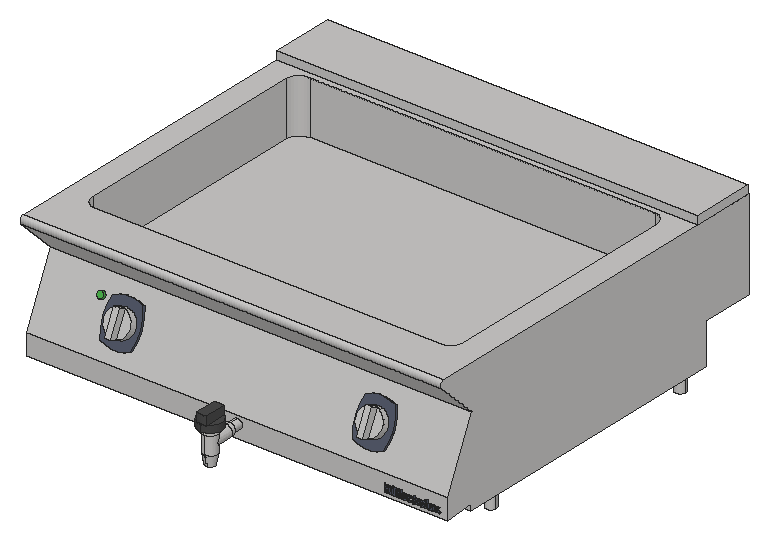
Revit family "QF_ELECTROLUXPROFESSIONAL_371097_E7BMEHB000", category Specialty Equipment, Revit 2018
Family settings
  Round Connector Dimension = Use Diameter
  Part Type = Normal
  Work Plane-Based = No
  Always vertical = Yes
  Cut with Voids When Loaded = No
  Shared = No
  Room Calculation Point = No
Parameters
  Width = 800.1 mm  # constant formula
  Weight in Pounds = 60  # constant formula
  Watts = 3000 VA  # 3000 W
  Volts = 400 V  # constant formula
  URL Cutsheet = "www.electrolux.com/foodservice"
  URL = "www.electrolux.com/foodservice"
  Type Mark [instance] = ""
  Status [instance] = ""
  Specification by User [instance] = ""
  Specification by Manufacturer = ""
  Show Logo [instance] = yes
  Show Clearance [instance] = yes
  Serial Number = ""
  Seismic Rating = ""
  SMACNA No = ""
  Revision Code [instance] = ""
  Plumbing Remarks = ""
  Plumbing Connection Type = ""
  Phase = 3  # constant formula
  Omniclass Number and Title = ""
  Number of Poles [instance] = 1
  NAFEM Spec ID Number = ""
  Model = "371097"
  Min Ckt Ampacity = 0 A
  Max Overcurrent Protection = 0 A
  Masterspec = ""
  Manufacturer = "ELECTROLUX"
  Item Number [instance] = ""
  Installed By [instance] = ""
  Indirect Waste Size = 50 mm  # 1.9685"
  Indirect Waste Flow [instance] = 0 GPM
  Indirect Waste Connection Type = ""
  Indirect Waste Connection Height [instance] = 0 mm
  Identify Quantity as Lot [instance] = yes
  Height = 288.925 mm  # constant formula
  HP = "4 HP"
  Furnished By [instance] = ""
  Foodservice Equipment Identifier [instance] = yes
  FL Amps = if(Phase = 3, Watts / (Volts * 1.73), Watts / Volts)  # 4.33526 A
  Electrical Remarks [instance] = "400 V/3N ph/50/60 Hz"  # constant formula
  Electric Connection Type [instance] = ""
  Elec Conn RI Height [instance] = 0 mm
  Elec Conn Connection Height [instance] = 0 mm
  Direct Waste Size = 1/2"
  Description = "700XP Full Module Electric Bain Marie Top - 400V"
  Depth = 730.25 mm  # constant formula
  Cycle [instance] = if([60 Hertz Option], 60 Hz, 50 Hz)  # 60 Hz
  Conn Plug = ""
  Conn Conduit = yes
  CSI MasterFormat = ""
  CSI Master Format = ""
  Base Height [instance] = 23.813 mm  # constant formula
  Apparent Power = if(Phase = 3, Volts * FL Amps * 1.73, Volts * FL Amps)  # 3000 VA
  60 Hertz Option [instance] = not([50 Hertz Option])  # yes
  50 Hertz Option [instance] = no
Reference planes
  plane 1 "BACK": y = 0
  plane 2: z = 0
  plane 3 "LEFT": x = 0
  plane 4 "RIGHT": x = 800.1
  plane 5 "FRONT": y = -730.25
  plane 6 "TOP": z = 288.925
  plane 7 "Center Y": x = 400.05
  plane 8 "Center X": y = -365.125
  plane 9 "BASE": z = 23.813
  plane 10 "TOP A": z = 274.638
  plane 11: y = -597.884
  plane 12: y = -147.637
Forms (mm)
  Extrusion 1, solid, material "QF_Finishes_Stainless Steel"
    sketch origin (0, 0, 0) x (0, 1, 0) y (0, 0, 1)
      loop
        line (0, 274.638) -> (-723.029, 274.638)
        arc (-723.029, 274.638) -> (-729.756, 270.143) -> (-728.178, 262.208) r 7.281
        line (-728.178, 262.208) -> (-657.416, 191.447) -> (-713.772, 69.003) -> (-713.772, 30.903) -> (-660.4, 36.513) -> (-660.4, 23.812) -> (-101.6, 23.812) -> (-101.6, 101.6) -> (0, 101.6) -> (0, 274.638)
    from 0 to 800.1
  Extrusion 2, solid, material "QF_Finishes_Stainless Steel"
    sketch origin (0, 0, 274.638) x (-1, 0, 0) y (0, -1, 0)
      loop
        line (0, 0) -> (0, 120.65) -> (-800.1, 120.65) -> (-800.1, 0) -> (0, 0)
    from 0 to 14.287
  Extrusion 3, void
    sketch origin (0, 0, 274.638) x (-1, 0, 0) y (0, -1, 0)
      loop
        arc (-72.425, 132.504) -> (-54.464, 139.943) -> (-47.025, 157.904) r 25.4
        line (-47.025, 157.904) -> (-47.025, 617.104)
        arc (-47.025, 617.104) -> (-54.464, 635.064) -> (-72.425, 642.504) r 25.4
        line (-72.425, 642.504) -> (-727.675, 642.504)
        arc (-727.675, 642.504) -> (-745.636, 635.064) -> (-753.075, 617.104) r 25.4
        line (-753.075, 617.104) -> (-753.075, 157.904)
        arc (-753.075, 157.904) -> (-745.636, 139.943) -> (-727.675, 132.504) r 25.4
        line (-727.675, 132.504) -> (-72.425, 132.504)
    from 0 to -101.6
  Extrusion 4, solid, material "QF_Finishes_Stainless Steel"
    sketch origin (0, 0, 0) x (1, 0, 0) y (0, 1, 0)
      loop
        circle (11.112, -147.638) r 9.525
      loop
        circle (11.112, -597.884) r 9.525
      loop
        circle (788.987, -147.638) r 9.525
      loop
        circle (788.987, -597.884) r 9.525
    from 0 to 23.813
  Extrusion 5, solid, material "QF_Finishes_Green"
    sketch origin (-380.91, -713.772, 69.003) x (0, 0.418102, 0.9084) y (-1, 0, 0)
      loop
        circle (95.112, -490.898) r 6.35
    from 0 to 3.175
  Revolve 6, solid, material "QF_Finishes_Stainless Steel"
    sketch origin (400.05, -15.821, 0) x (0, 1, 0) y (0, 0, 1)
      loop
        line (-763.176, 15.689) -> (-754.167, 15.689) -> (-750.551, 36.201) -> (-750.551, 72.541) -> (-747.273, 72.541) -> (-747.273, 80.421) -> (-740.923, 80.421) -> (-740.923, 93.121) -> (-763.176, 93.121) -> (-763.176, 15.689)
      axis (-763.176, 15.689) -> (-763.176, 93.121)
    angle from 0 to 360
  Revolve 7, solid, material "QF_Finishes_Stainless Steel"
    sketch origin (400.05, 0, 0) x (0, 1, 0) y (0, 0, 1)
      loop
        line (-713.772, 55.563) -> (-782.002, 55.563) -> (-782.002, 43.259) -> (-742.607, 43.259) -> (-742.607, 44.961) -> (-733.614, 44.961) -> (-733.614, 47.008) -> (-713.772, 47.008) -> (-713.772, 55.563)
      axis (-782.002, 55.563) -> (-713.772, 55.563)
    angle from 0 to 360
  Extrusion 8, solid, material "QF_Finishes_Black"
    sketch origin (400.05, -778.997, 93.121) x (0, 1, 0) y (-1, 0, 0)
      loop
        line (20.063, 9.626) -> (-20.063, 9.626)
        arc (-20.063, 9.626) -> (-22.253, 0) -> (-20.063, -9.626) r 22.253
        line (-20.063, -9.626) -> (20.063, -9.626)
        arc (20.063, -9.626) -> (22.253, 0) -> (20.063, 9.626) r 22.253
    from 0 to 16.412
  Extrusion 9, solid, material "QF_Finishes_Stainless Steel"
    sketch origin (0, -101.6, 101.6) x (0, 0, -1) y (-1, 0, 0)
      loop
        circle (43.882, -62.029) r 12.7
    from 0 to 12.7
  Extrusion 10, solid, material "QF_Finishes_Clearance", visible <- "Show Clearance", detail levels coarse
    sketch origin (0, 0, 0) x (1, 0, 0) y (0, 1, 0)
      loop
        line (0, -730.25) -> (0, 0) -> (800.1, 0) -> (800.1, -730.25) -> (950.119, -730.25) -> (950.119, 150.019) -> (-150.019, 150.019) -> (-150.019, -730.25) -> (0, -730.25)
    from 0 to 288.925
  Extrusion 11, solid, material "QF_Finishes_Navy Blue"
    sketch origin (-379.27, -713.772, 69.003) x (0, 0.418102, 0.9084) y (-1, 0, 0)
      loop
        arc (102.623, -510.47) -> (67.041, -502.846) -> (31.333, -509.853) r 90.5
        arc (31.333, -509.853) -> (24.507, -539.04) -> (31.333, -568.228) r 65.817
        arc (31.333, -568.228) -> (67.04, -575.188) -> (102.623, -567.615) r 91.066
        arc (102.623, -567.615) -> (109.179, -539.043) -> (102.623, -510.47) r 65.546
    from 0 to 3.175
  Extrusion 12, solid, material "QF_Finishes_Stainless Steel"
    sketch origin (-0.52, -717.485, 68.529) x (0, 0.418102, 0.9084) y (-1, 0, 0)
      loop
        circle (68.826, -160.963) r 25.4
    from 0 to 12.7
  Extrusion 13, solid, material "QF_Finishes_Stainless Steel"
    sketch origin (-0.52, -729.022, 73.839) x (0, 0.418102, 0.9084) y (-1, 0, 0)
      loop
        arc (93.558, -166.749) -> (94.226, -160.963) -> (93.558, -155.177) r 25.4
        line (93.558, -155.177) -> (44.094, -155.177)
        arc (44.094, -155.177) -> (43.426, -160.963) -> (44.094, -166.749) r 25.4
        line (44.094, -166.749) -> (93.558, -166.749)
    from 0 to 12.7
  Extrusion 14, solid, material "QF_Finishes_Navy Blue", visible <- "Show Logo"
    sketch origin (392.5, -713.772, 30.903) x (0, 0, 1) y (-1, 0, 0)
      loop
        line (20.674, -296.698) -> (8.307, -296.698)
        arc (8.307, -296.698) -> (14.491, -301.27) -> (20.674, -296.698) r 6.467
      loop
        arc (20.674, -296.069) -> (19.505, -290.926) -> (14.849, -288.448) r 6.338
        line (14.849, -288.448) -> (14.849, -290.494)
        arc (14.849, -290.494) -> (16.333, -294.149) -> (19.778, -296.069) r 5.941
        line (19.778, -296.069) -> (20.674, -296.069)
      loop
        arc (9.203, -296.069) -> (12.648, -294.149) -> (14.132, -290.494) r 5.941
        line (14.132, -290.494) -> (14.132, -288.448)
        arc (14.132, -288.448) -> (9.438, -290.922) -> (8.148, -296.069) r 6.504
        line (8.148, -296.069) -> (9.203, -296.069)
      loop
        line (21.349, -287.979) -> (7.604, -287.979) -> (7.604, -301.742) -> (21.349, -301.742) -> (21.349, -287.979)
      loop
        arc (21.432, -304.71) -> (21.085, -304.352) -> (20.718, -304.69) r 0.358
        arc (20.718, -304.69) -> (20.404, -305.44) -> (19.687, -305.825) r 1.216
        line (19.687, -305.825) -> (9.274, -305.825)
        arc (9.274, -305.825) -> (8.614, -305.548) -> (8.218, -304.951) r 1.238
        arc (8.218, -304.951) -> (7.823, -304.7) -> (7.518, -305.054) r 0.358
        line (7.518, -305.054) -> (7.518, -314.933) -> (10.269, -314.933) -> (10.269, -314.036)
        arc (10.269, -314.036) -> (9.36, -313.456) -> (8.904, -312.479) r 1.928
        line (8.904, -312.479) -> (8.904, -309.98)
        arc (8.904, -309.98) -> (9.18, -309.251) -> (9.868, -308.887) r 1.101
        line (9.868, -308.887) -> (13.955, -308.887) -> (13.955, -312.561)
        arc (13.955, -312.561) -> (13.602, -313.058) -> (13.037, -313.286) r 1.083
        arc (13.037, -313.286) -> (12.773, -313.591) -> (13.065, -313.869) r 0.292
        line (13.065, -313.869) -> (16.028, -313.869)
        arc (16.028, -313.869) -> (16.33, -313.596) -> (16.092, -313.266) r 0.305
        arc (16.092, -313.266) -> (15.601, -313.018) -> (15.296, -312.561) r 1.083
        line (15.296, -312.561) -> (15.296, -308.887) -> (19.973, -308.887) -> (19.973, -312.635)
        arc (19.973, -312.635) -> (19.759, -313.39) -> (19.153, -313.888) r 1.314
        arc (19.153, -313.888) -> (18.934, -314.292) -> (19.288, -314.585) r 0.361
        line (19.288, -314.585) -> (21.432, -314.585) -> (21.432, -304.71)
      loop
        arc (20.715, -315.365) -> (20.335, -316.284) -> (19.416, -316.664) r 1.299
        line (19.416, -316.664) -> (9.837, -316.664)
        arc (9.837, -316.664) -> (8.999, -316.286) -> (8.728, -315.408) r 1.118
        line (8.728, -315.408) -> (7.518, -315.408) -> (7.518, -320.758) -> (8.706, -320.758)
        arc (8.706, -320.758) -> (8.978, -319.841) -> (9.848, -319.445) r 1.153
        line (9.848, -319.445) -> (21.92, -319.445) -> (20.715, -315.365)
      loop
        line (12.483, -323.394) -> (12.483, -329.842) -> (13.282, -329.842)
        arc (13.282, -329.842) -> (15.862, -328.857) -> (17.131, -326.404) r 3.874
        line (17.131, -326.404) -> (17.131, -324.643)
        arc (17.131, -324.643) -> (15.944, -321.778) -> (13.08, -320.592) r 4.051
        line (13.08, -320.592) -> (11.072, -320.592)
        arc (11.072, -320.592) -> (8.253, -322.077) -> (7.202, -325.084) r 4.352
        arc (7.202, -325.084) -> (7.566, -327.547) -> (8.943, -329.621) r 5.713
        line (8.943, -329.621) -> (9.892, -329.621)
        arc (9.892, -329.621) -> (9.16, -328.052) -> (8.943, -326.334) r 5.579
        arc (8.943, -326.334) -> (9.737, -324.371) -> (11.616, -323.394) r 3.057
        line (11.616, -323.394) -> (12.483, -323.394)
      loop
        line (13.742, -323.394) -> (13.742, -326.977)
        arc (13.742, -326.977) -> (15.199, -327.024) -> (16.082, -325.864) r 1.59
        line (16.082, -325.864) -> (16.082, -325.034)
        arc (16.082, -325.034) -> (15.217, -323.779) -> (13.742, -323.394) r 2.184
      loop
        arc (16.533, -339.259) -> (17.022, -337.585) -> (17.179, -335.848) r 9.023
        line (17.179, -335.848) -> (17.179, -334.486)
        arc (17.179, -334.486) -> (16.02, -331.686) -> (13.22, -330.527) r 3.959
        line (13.22, -330.527) -> (10.62, -330.527)
        arc (10.62, -330.527) -> (8.338, -331.819) -> (7.221, -334.192) r 4.331
        line (7.221, -334.192) -> (7.221, -336.327)
        arc (7.221, -336.327) -> (7.729, -337.877) -> (8.651, -339.223) r 5.772
        arc (8.651, -339.223) -> (9.412, -339.274) -> (9.499, -338.515) r 0.553
        arc (9.499, -338.515) -> (9.111, -337.781) -> (8.977, -336.962) r 2.573
        line (8.977, -336.962) -> (8.977, -335.447)
        arc (8.977, -335.447) -> (9.983, -333.806) -> (11.798, -333.163) r 2.884
        line (11.798, -333.163) -> (13.077, -333.163)
        arc (13.077, -333.163) -> (14.898, -333.723) -> (15.824, -335.388) r 2.554
        line (15.824, -335.388) -> (15.824, -336.441)
        arc (15.824, -336.441) -> (15.493, -337.369) -> (14.836, -338.104) r 2.564
        arc (14.836, -338.104) -> (14.614, -338.821) -> (15.223, -339.259) r 0.643
        line (15.223, -339.259) -> (16.533, -339.259)
      loop
        line (15.515, -339.53) -> (15.515, -341.031) -> (9.467, -341.031)
        arc (9.467, -341.031) -> (7.879, -341.688) -> (7.221, -343.276) r 2.246
        line (7.221, -343.276) -> (7.221, -344.86)
        arc (7.221, -344.86) -> (7.535, -345.725) -> (8.035, -346.496) r 4.06
        arc (8.035, -346.496) -> (8.768, -346.629) -> (9.019, -345.928) r 0.576
        arc (9.019, -345.928) -> (8.913, -345.403) -> (8.977, -344.87) r 1.69
        arc (8.977, -344.87) -> (9.519, -344.082) -> (10.425, -343.779) r 1.506
        line (10.425, -343.779) -> (15.563, -343.779) -> (15.563, -346.176) -> (16.119, -346.733) -> (16.941, -346.733) -> (16.941, -343.873) -> (20.172, -343.873) -> (15.515, -339.53)
      loop
        line (7.438, -347.63) -> (7.438, -353.017) -> (8.548, -353.017)
        arc (8.548, -353.017) -> (8.942, -352.066) -> (9.893, -351.672) r 1.345
        line (9.893, -351.672) -> (13.509, -351.672)
        arc (13.509, -351.672) -> (14.274, -352.264) -> (14.564, -353.186) r 1.615
        line (14.564, -353.186) -> (14.564, -354.742) -> (17.119, -355.427) -> (17.119, -354.044) -> (15.177, -351.485) -> (17.057, -351.485) -> (16.773, -348.779)
        arc (16.773, -348.779) -> (16.333, -348.249) -> (15.674, -348.45) r 0.621
        arc (15.674, -348.45) -> (15.274, -348.792) -> (14.78, -348.975) r 1.501
        line (14.78, -348.975) -> (9.893, -348.975)
        arc (9.893, -348.975) -> (8.942, -348.581) -> (8.548, -347.63) r 1.345
        line (8.548, -347.63) -> (7.438, -347.63)
      loop
        line (13.54, -354.964) -> (10.848, -354.964)
        arc (10.848, -354.964) -> (8.403, -356.272) -> (7.269, -358.803) r 4.288
        arc (7.269, -358.803) -> (7.205, -360.183) -> (7.269, -361.563) r 15.022
        arc (7.269, -361.563) -> (8.403, -364.094) -> (10.848, -365.401) r 4.288
        line (10.848, -365.401) -> (13.54, -365.401)
        arc (13.54, -365.401) -> (15.986, -364.094) -> (17.119, -361.563) r 4.288
        arc (17.119, -361.563) -> (17.183, -360.183) -> (17.119, -358.803) r 15.022
        arc (17.119, -358.803) -> (15.986, -356.272) -> (13.54, -354.964) r 4.288
      loop
        line (13.745, -358.078) -> (10.643, -358.078)
        arc (10.643, -358.078) -> (8.486, -360.235) -> (10.643, -362.392) r 2.157
        line (10.643, -362.392) -> (13.745, -362.392)
        arc (13.745, -362.392) -> (15.902, -360.235) -> (13.745, -358.078) r 2.157
      loop
        arc (20.726, -365.26) -> (20.355, -366.154) -> (19.461, -366.524) r 1.264
        line (19.461, -366.524) -> (9.597, -366.524)
        arc (9.597, -366.524) -> (8.727, -366.127) -> (8.455, -365.211) r 1.153
        line (8.455, -365.211) -> (7.518, -365.211) -> (7.518, -370.319) -> (8.446, -370.319)
        arc (8.446, -370.319) -> (8.805, -369.547) -> (9.597, -369.232) r 1.153
        line (9.597, -369.232) -> (21.92, -369.232) -> (20.726, -365.26)
      loop
        arc (15.846, -369.857) -> (15.647, -370.921) -> (14.678, -371.403) r 1.215
        line (14.678, -371.403) -> (9.658, -371.403)
        arc (9.658, -371.403) -> (8.043, -372.051) -> (7.322, -373.634) r 2.338
        line (7.322, -373.634) -> (7.322, -375.148)
        arc (7.322, -375.148) -> (7.497, -376.152) -> (7.999, -377.038) r 2.979
        line (7.999, -377.038) -> (7.518, -378.835) -> (7.518, -380.524) -> (16.943, -380.524) -> (16.649, -376.32) -> (15.863, -376.32)
        arc (15.863, -376.32) -> (15.507, -377.156) -> (14.755, -377.665) r 1.605
        line (14.755, -377.665) -> (9.652, -377.665)
        arc (9.652, -377.665) -> (9.232, -376.728) -> (9.159, -375.704) r 2.94
        arc (9.159, -375.704) -> (9.72, -374.603) -> (10.873, -374.16) r 1.724
        line (10.873, -374.16) -> (17.07, -374.16) -> (15.846, -369.857)
      loop
        line (16.874, -381.377) -> (15.202, -383.423) -> (12.028, -385.729) -> (8.572, -382.617)
        arc (8.572, -382.617) -> (8.335, -382.223) -> (8.357, -381.764) r 0.789
        line (8.357, -381.764) -> (7.518, -381.764) -> (7.518, -385.309) -> (8.344, -385.309)
        arc (8.344, -385.309) -> (8.686, -384.947) -> (9.176, -385.039) r 0.52
        line (9.176, -385.039) -> (10.976, -386.51) -> (8.858, -387.886)
        arc (8.858, -387.886) -> (8.457, -387.576) -> (8.37, -387.076) r 0.7
        line (8.37, -387.076) -> (7.518, -387.076) -> (7.518, -393.003) -> (8.405, -393.003)
        arc (8.405, -393.003) -> (8.472, -392.344) -> (8.866, -391.813) r 1.247
        line (8.866, -391.813) -> (13.066, -388.532) -> (15.513, -390.585) -> (16.874, -392.327) -> (16.874, -388.604) -> (15.389, -389.026) -> (13.868, -387.749) -> (15.568, -386.559) -> (16.874, -387.336) -> (16.874, -381.377)
    from 0 to 1.644
  Extrusion 15, solid, material "QF_Finishes_Navy Blue"
    sketch origin (1179.37, -713.772, 69.003) x (0, 0.418102, 0.9084) y (-1, 0, 0)
      loop
        arc (102.623, 510.47) -> (109.179, 539.043) -> (102.623, 567.615) r 65.546
        arc (102.623, 567.615) -> (67.04, 575.188) -> (31.333, 568.228) r 91.066
        arc (31.333, 568.228) -> (24.507, 539.04) -> (31.333, 509.853) r 65.817
        arc (31.333, 509.853) -> (67.041, 502.846) -> (102.623, 510.47) r 90.5
    from 0 to 3.175
  Extrusion 16, solid, material "QF_Finishes_Stainless Steel"
    sketch origin (1558.12, -717.485, 68.529) x (0, 0.418102, 0.9084) y (-1, 0, 0)
      loop
        circle (68.826, 918.463) r 25.4
    from 0 to 12.7
  Extrusion 17, solid, material "QF_Finishes_Stainless Steel"
    sketch origin (1558.12, -729.022, 73.839) x (0, 0.418102, 0.9084) y (-1, 0, 0)
      loop
        line (93.558, 924.249) -> (44.094, 924.249)
        arc (44.094, 924.249) -> (43.426, 918.463) -> (44.094, 912.677) r 25.4
        line (44.094, 912.677) -> (93.558, 912.677)
        arc (93.558, 912.677) -> (94.226, 918.463) -> (93.558, 924.249) r 25.4
    from 0 to 12.7
Cuts and joins
  Extrusion 3 cuts Extrusion 1
Lines and regions (mm)
  symbolic lines, style "QF-Clearances", visible <- "Show Clearance", detail levels coarse
    curve 1: line (-150.019, 150.019, 274.638) -> (-150.019, -730.25, 274.638)
    curve 2: line (950.119, 150.019, 274.638) -> (-150.019, 150.019, 274.638)
    curve 3: line (950.119, -730.25, 274.638) -> (950.119, 150.019, 274.638)
  symbolic lines
    curve 4: line (0, 0, 274.638) -> (800.1, 0, 274.638)
    curve 5: line (0, -730.25, 274.638) -> (0, 0, 274.638)
    curve 6: line (800.1, 0, 274.638) -> (800.1, -730.25, 274.638)
    curve 7: line (47.025, -157.904, 274.638) -> (47.025, -617.104, 274.638)
    curve 8: arc (47.025, -617.104, 274.638) -> (54.464, -635.064, 274.638) -> (72.425, -642.504, 274.638) r 25.4
    curve 9: line (72.425, -642.504, 274.638) -> (727.675, -642.504, 274.638)
    curve 10: arc (727.675, -642.504, 274.638) -> (745.636, -635.064, 274.638) -> (753.075, -617.104, 274.638) r 25.4
    curve 11: line (753.075, -617.104, 274.638) -> (753.075, -157.904, 274.638)
    curve 12: line (727.675, -132.504, 274.638) -> (72.425, -132.504, 274.638)
    curve 13: line (0, -120.65, 274.638) -> (800.1, -120.65, 274.638)
    curve 14: line (0, -69.85, 274.638) -> (0, -120.65, 274.638)
    curve 15: circle (400.05, -778.997, 274.638) r 22.253 normal (0, 0, 1)
    curve 16: line (800.1, -730.25, 274.638) -> (0, -730.25, 274.638)
    curve 17: line (409.676, -799.06, 274.638) -> (409.676, -758.934, 274.638)
    curve 18: line (390.424, -799.06, 274.638) -> (390.424, -758.934, 274.638)
    curve 19: arc (72.425, -132.504, 274.638) -> (54.464, -139.943, 274.638) -> (47.025, -157.904, 274.638) r 25.4
    curve 20: arc (727.675, -132.504, 274.638) -> (745.636, -139.943, 274.638) -> (753.075, -157.904, 274.638) r 25.4
    curve 21: line (389.379, -759.47, 274.638) -> (389.379, -730.25, 274.638)
    curve 22: line (410.721, -759.47, 274.638) -> (410.721, -730.25, 274.638)
Dimensions and locks
  equal spacing: plane 3 "LEFT", plane 7 "Center Y", plane 4 "RIGHT"
  "Width": plane 3 "LEFT" to plane 4 "RIGHT"
  equal spacing: plane 5 "FRONT", plane 8 "Center X", plane 1 "BACK"
  "Depth": plane 5 "FRONT" to plane 1 "BACK"
  "Height": plane 6 "TOP" to level
  plane 1 "BACK" to plane 5 "FRONT" = 730.25 mm
  "Base Height": plane 9 "BASE" to level
  locked: plane 10 "TOP A" to plane 9 "BASE" at 250.825
  aligned and locked: level to plane 2
  aligned and locked: plane 4 "RIGHT" to Extrusion 1
  aligned and locked: plane 6 "TOP" to Extrusion 2
  aligned and locked: Extrusion 4 to plane 9 "BASE"
  aligned and locked: plane 6 "TOP" to Extrusion 10
  aligned and locked: plane 4 "RIGHT" to Extrusion 2
Automatic sketch dimensions
  Extrusion 1 sketch curve to plane 10 "TOP A" = 0 mm
  Extrusion 1 sketch curve to plane 9 "BASE" = 0 mm
  Extrusion 1 sketch curve to plane 1 "BACK" = 0 mm
  Extrusion 1 sketch curve to plane 12 = 46.038 mm
  plane 11 to Extrusion 1 sketch curve = 59.531 mm
  plane 9 "BASE" to Extrusion 1 sketch curve = 12.7 mm
  plane 11 to Extrusion 1 sketch curve = 62.516 mm
  Extrusion 1 sketch curve to plane 5 "FRONT" = 16.478 mm
  Extrusion 1 sketch curve to plane 5 "FRONT" = 7.221 mm
  Extrusion 1 sketch curve to plane 5 "FRONT" = 2.072 mm
  plane 9 "BASE" to Extrusion 1 sketch curve = 7.09 mm
  Extrusion 1 sketch curve to Extrusion 1 sketch curve = 38.1 mm
  plane 9 "BASE" to Extrusion 1 sketch curve = 77.788 mm
  Extrusion 1 sketch curve to plane 10 "TOP A" = 83.191 mm
  Extrusion 1 sketch curve to plane 10 "TOP A" = 12.429 mm
  plane 1 "BACK" to Extrusion 2 sketch curve = 0 mm
  Extrusion 2 sketch curve to plane 4 "RIGHT" = 0 mm
  Extrusion 2 sketch curve to plane 3 "LEFT" = 0 mm
  Extrusion 2 sketch curve to plane 12 = 26.988 mm
  Extrusion 3 sketch curve to plane 4 "RIGHT" = 47.025 mm
  Extrusion 3 sketch curve to Extrusion 3 sketch curve = 25.4 mm  (x3)
  Extrusion 3 sketch curve to plane 12 = 15.134 mm
  plane 12 to Extrusion 3 sketch curve = 10.266 mm
  plane 3 "LEFT" to Extrusion 3 sketch curve = 72.425 mm
  plane 11 to Extrusion 3 sketch curve = 19.219 mm
  plane 11 to Extrusion 4 sketch curve = 0 mm  (x2)
  plane 12 to Extrusion 4 sketch curve = 0 mm  (x2)
  plane 3 "LEFT" to Extrusion 4 sketch curve = 11.112 mm  (x2)
  Extrusion 4 sketch curve to plane 4 "RIGHT" = 11.113 mm  (x2)
  Extrusion 1 to Extrusion 5 sketch curve = 39.678 mm
  Extrusion 1 to Extrusion 5 sketch curve = 109.988 mm
  Revolve 6 sketch curve to plane 9 "BASE" = 8.123 mm
  plane 5 "FRONT" to Revolve 6 sketch curve = 48.747 mm
  Revolve 6 sketch curve to Revolve 6 sketch curve = 0 mm
  Revolve 6 sketch curve to Revolve 6 sketch curve = 9.009 mm
  plane 9 "BASE" to Revolve 6 sketch curve = 12.388 mm
  Revolve 6 sketch curve to Revolve 6 sketch curve = 3.617 mm
  Revolve 6 sketch curve to Revolve 6 sketch curve = 3.277 mm
  Revolve 6 sketch curve to Revolve 6 sketch curve = 6.35 mm
  Revolve 6 sketch curve to Revolve 6 sketch curve = 36.341 mm
  Revolve 6 sketch curve to Revolve 6 sketch curve = 7.879 mm
  Revolve 6 sketch curve to Revolve 6 sketch curve = 12.7 mm  (x2)
  Revolve 6 sketch curve to Revolve 6 sketch curve = 15.064 mm
  plane 5 "FRONT" to Revolve 7 sketch curve = 51.752 mm
  plane 5 "FRONT" to Revolve 7 sketch curve = 12.357 mm
  plane 5 "FRONT" to Revolve 7 sketch curve = 3.364 mm
  Revolve 7 sketch curve to plane 5 "FRONT" = 16.478 mm
  Revolve 7 sketch curve to Revolve 7 sketch curve = 0 mm  (x2)
  Revolve 7 sketch curve to Revolve 7 sketch curve = 9.137 mm
  plane 9 "BASE" to Revolve 7 sketch curve = 19.447 mm
  Revolve 7 sketch curve to Revolve 7 sketch curve = 1.702 mm
  Revolve 7 sketch curve to Revolve 7 sketch curve = 2.047 mm
  Revolve 7 sketch curve to Revolve 7 sketch curve = 12.303 mm
  Extrusion 8 sketch curve to Revolve 6 = 9.626 mm
  Revolve 6 to Extrusion 8 sketch curve = 9.626 mm
  Extrusion 8 sketch curve to Extrusion 8 sketch curve = 0 mm
  Extrusion 1 to Extrusion 9 sketch curve = 33.906 mm
  Extrusion 1 to Extrusion 9 sketch curve = 62.029 mm
  plane 5 "FRONT" to Extrusion 10 sketch curve = 0 mm  (x2)
  plane 1 "BACK" to Extrusion 10 sketch curve = 0 mm
  Extrusion 10 sketch curve to plane 3 "LEFT" = 0 mm
  Extrusion 10 sketch curve to plane 4 "RIGHT" = 0 mm
  Extrusion 10 sketch curve to plane 3 "LEFT" = 150.019 mm
  plane 4 "RIGHT" to Extrusion 10 sketch curve = 150.019 mm
  Extrusion 10 sketch curve to plane 1 "BACK" = 150.019 mm
  plane 5 "FRONT" to curve 3 = 0 mm
  curve 13 to plane 4 "RIGHT" = 0 mm
  plane 5 "FRONT" to curve 22 = 0 mm
  curve 15 to plane 7 "Center Y" = 0 mm
  curve 14 to plane 3 "LEFT" = 0 mm
  plane 1 "BACK" to curve 5 = 0 mm
  curve 5 to plane 3 "LEFT" = 0 mm
  plane 5 "FRONT" to curve 1 = 0 mm
  plane 4 "RIGHT" to curve 3 = 150.019 mm
  curve 10 to plane 4 "RIGHT" = 47.025 mm
  curve 12 to plane 12 = 15.134 mm
  curve 11 to curve 12 = 25.4 mm
  curve 10 to curve 10 = 25.4 mm
  plane 7 "Center Y" to curve 22 = 10.671 mm
  plane 7 "Center Y" to curve 17 = 9.626 mm
  curve 18 to plane 7 "Center Y" = 9.626 mm
  curve 18 to curve 21 = 1.046 mm
  plane 3 "LEFT" to curve 12 = 72.425 mm
  plane 11 to curve 8 = 19.219 mm
  plane 3 "LEFT" to curve 8 = 72.425 mm
  curve 8 to curve 7 = 25.4 mm
  curve 1 to plane 3 "LEFT" = 150.019 mm
  curve 1 to plane 1 "BACK" = 150.019 mm
  plane 1 "BACK" to curve 14 = 69.85 mm
  curve 13 to plane 12 = 26.988 mm
  plane 5 "FRONT" to curve 17 = 28.684 mm
  curve 18 to curve 21 = 0.536 mm
  Extrusion 11 sketch curve to Extrusion 1 = 31.333 mm  (x2)
  Extrusion 11 sketch curve to Extrusion 11 sketch curve = 12.3 mm  (x3)
  Extrusion 11 sketch curve to Extrusion 11 sketch curve = 34.925 mm  (x2)
  Extrusion 1 to Extrusion 11 sketch curve = 44.467 mm
  Extrusion 1 to Extrusion 11 sketch curve = 214.072 mm
  Extrusion 11 sketch curve to Extrusion 11 sketch curve = 25.114 mm
  Extrusion 11 sketch curve to Extrusion 11 sketch curve = 25.727 mm
  Extrusion 11 sketch curve to Extrusion 11 sketch curve = 29.185 mm
  Extrusion 13 sketch curve to Extrusion 13 sketch curve = 24.732 mm
  Extrusion 13 sketch curve to Extrusion 13 sketch curve = 0 mm
  plane 9 "BASE" to Extrusion 14 sketch curve = 9.251 mm
  plane 9 "BASE" to Extrusion 14 sketch curve = 14.292 mm
  plane 9 "BASE" to Extrusion 14 sketch curve = 14.311 mm
  Extrusion 14 sketch curve to Extrusion 14 sketch curve = 0 mm  (x28)
  Extrusion 14 sketch curve to Extrusion 14 sketch curve = 5.108 mm  (x2)
  Extrusion 14 sketch curve to Extrusion 14 sketch curve = 0.054 mm
  Extrusion 14 sketch curve to Extrusion 14 sketch curve = 0.218 mm
  Extrusion 14 sketch curve to Extrusion 14 sketch curve = 0.195 mm
  Extrusion 14 sketch curve to Extrusion 14 sketch curve = 0.249 mm
  plane 9 "BASE" to Extrusion 14 sketch curve = 14.608 mm
  Extrusion 14 sketch curve to Extrusion 14 sketch curve = 0.087 mm
  Extrusion 14 sketch curve to Extrusion 14 sketch curve = 0.358 mm
  Extrusion 14 sketch curve to Extrusion 14 sketch curve = 0.481 mm
  Extrusion 14 sketch curve to Extrusion 14 sketch curve = 0.597 mm
  Extrusion 14 sketch curve to Extrusion 14 sketch curve = 0.544 mm
  Extrusion 14 sketch curve to Extrusion 14 sketch curve = 0.936 mm
  Extrusion 14 sketch curve to Extrusion 14 sketch curve = 0.594 mm
  Extrusion 14 sketch curve to Extrusion 14 sketch curve = 0.343 mm
  Extrusion 14 sketch curve to Extrusion 14 sketch curve = 0.159 mm
  Extrusion 14 sketch curve to Extrusion 14 sketch curve = 0.826 mm
  Extrusion 14 sketch curve to Extrusion 14 sketch curve = 0.839 mm
  Extrusion 14 sketch curve to Extrusion 14 sketch curve = 0.852 mm
  Extrusion 14 sketch curve to Extrusion 14 sketch curve = 0.887 mm
  Extrusion 14 sketch curve to Extrusion 14 sketch curve = 0.928 mm
  Extrusion 14 sketch curve to Extrusion 14 sketch curve = 0.938 mm
  Extrusion 14 sketch curve to Extrusion 14 sketch curve = 0.444 mm
  Extrusion 14 sketch curve to Extrusion 14 sketch curve = 1.11 mm  (x3)
  Extrusion 14 sketch curve to Extrusion 14 sketch curve = 0.215 mm
  Extrusion 14 sketch curve to Extrusion 14 sketch curve = 1.43 mm
  Extrusion 14 sketch curve to Extrusion 14 sketch curve = 1.188 mm
  Extrusion 14 sketch curve to Extrusion 14 sketch curve = 1.21 mm  (x2)
  Extrusion 14 sketch curve to Extrusion 14 sketch curve = 0.503 mm
  Extrusion 14 sketch curve to Extrusion 14 sketch curve = 0.488 mm
  Extrusion 14 sketch curve to Extrusion 14 sketch curve = 0.462 mm
  Extrusion 14 sketch curve to Extrusion 14 sketch curve = 1.386 mm
  Extrusion 14 sketch curve to Extrusion 14 sketch curve = 1.742 mm  (x2)
  Extrusion 14 sketch curve to Extrusion 14 sketch curve = 0.821 mm
  Extrusion 14 sketch curve to Extrusion 14 sketch curve = 0.497 mm
  Extrusion 14 sketch curve to Extrusion 14 sketch curve = 0.539 mm
  Extrusion 14 sketch curve to Extrusion 14 sketch curve = 0.686 mm
  Extrusion 14 sketch curve to Extrusion 14 sketch curve = 0.408 mm
  Extrusion 14 sketch curve to Extrusion 14 sketch curve = 0.743 mm
  Extrusion 14 sketch curve to Extrusion 14 sketch curve = 1.16 mm
  Extrusion 14 sketch curve to Extrusion 14 sketch curve = 0.329 mm
  Extrusion 14 sketch curve to Extrusion 14 sketch curve = 1.054 mm
  Extrusion 14 sketch curve to Extrusion 14 sketch curve = 1.056 mm
  Extrusion 14 sketch curve to Extrusion 14 sketch curve = 0.129 mm
  Extrusion 14 sketch curve to Extrusion 14 sketch curve = 0.489 mm
  Extrusion 14 sketch curve to Extrusion 14 sketch curve = 0.441 mm
  Extrusion 14 sketch curve to Extrusion 14 sketch curve = 1.151 mm
  Extrusion 14 sketch curve to Extrusion 14 sketch curve = 1.141 mm  (x2)
  Extrusion 14 sketch curve to Extrusion 14 sketch curve = 0.768 mm
  Extrusion 14 sketch curve to Extrusion 14 sketch curve = 1.653 mm
  Extrusion 14 sketch curve to Extrusion 14 sketch curve = 0.499 mm
  Extrusion 14 sketch curve to Extrusion 14 sketch curve = 0.964 mm
  Extrusion 14 sketch curve to Extrusion 14 sketch curve = 0.949 mm
  Extrusion 14 sketch curve to Extrusion 14 sketch curve = 1.345 mm  (x3)
  Extrusion 14 sketch curve to Extrusion 14 sketch curve = 1.101 mm
  Extrusion 14 sketch curve to Extrusion 14 sketch curve = 0.432 mm
  Extrusion 14 sketch curve to Extrusion 14 sketch curve = 1.142 mm
  Extrusion 14 sketch curve to Extrusion 14 sketch curve = 0.959 mm
  Extrusion 14 sketch curve to Extrusion 14 sketch curve = 0.176 mm
  Extrusion 14 sketch curve to Extrusion 14 sketch curve = 0.728 mm
  Extrusion 14 sketch curve to Extrusion 14 sketch curve = 3.375 mm  (x2)
  Extrusion 14 sketch curve to Extrusion 14 sketch curve = 0.541 mm
  Extrusion 14 sketch curve to Extrusion 14 sketch curve = 0.955 mm
  Extrusion 14 sketch curve to Extrusion 14 sketch curve = 1.251 mm
  Extrusion 14 sketch curve to Extrusion 14 sketch curve = 0.572 mm
  Extrusion 14 sketch curve to Extrusion 14 sketch curve = 1.92 mm
  Extrusion 14 sketch curve to Extrusion 14 sketch curve = 1.224 mm
  Extrusion 14 sketch curve to Extrusion 14 sketch curve = 0.745 mm
  Extrusion 14 sketch curve to Extrusion 14 sketch curve = 2.537 mm
  Extrusion 14 sketch curve to Extrusion 14 sketch curve = 0.896 mm  (x3)
  Extrusion 14 sketch curve to Extrusion 14 sketch curve = 0.036 mm
  Extrusion 14 sketch curve to Extrusion 14 sketch curve = 2.607 mm
  Extrusion 14 sketch curve to Extrusion 14 sketch curve = 0.066 mm
  Extrusion 14 sketch curve to Extrusion 14 sketch curve = 0.248 mm
  Extrusion 14 sketch curve to Extrusion 14 sketch curve = 0.449 mm
  Extrusion 14 sketch curve to Extrusion 14 sketch curve = 1.052 mm
  Extrusion 14 sketch curve to Extrusion 14 sketch curve = 1.863 mm
  Extrusion 14 sketch curve to Extrusion 14 sketch curve = 1.31 mm  (x2)
  Extrusion 14 sketch curve to Extrusion 14 sketch curve = 0.901 mm
  Extrusion 14 sketch curve to Extrusion 14 sketch curve = 1.107 mm
  Extrusion 14 sketch curve to Extrusion 14 sketch curve = 2.122 mm
  Extrusion 14 sketch curve to Extrusion 14 sketch curve = 2.101 mm
  Extrusion 14 sketch curve to Extrusion 14 sketch curve = 0.106 mm
  Extrusion 14 sketch curve to Extrusion 14 sketch curve = 0.029 mm
  Extrusion 14 sketch curve to Extrusion 14 sketch curve = 2.09 mm
  Extrusion 14 sketch curve to Extrusion 14 sketch curve = 1.279 mm
  Extrusion 14 sketch curve to Extrusion 14 sketch curve = 2.008 mm
  Extrusion 14 sketch curve to Extrusion 14 sketch curve = 0.738 mm
  Extrusion 14 sketch curve to Extrusion 14 sketch curve = 0.382 mm
  Extrusion 14 sketch curve to Extrusion 14 sketch curve = 0.384 mm
  Extrusion 14 sketch curve to Extrusion 14 sketch curve = 0.002 mm
  Extrusion 14 sketch curve to Extrusion 14 sketch curve = 0.561 mm
  Extrusion 14 sketch curve to Extrusion 14 sketch curve = 0.592 mm
  Extrusion 14 sketch curve to Extrusion 14 sketch curve = 2.692 mm
  Extrusion 14 sketch curve to Extrusion 14 sketch curve = 1.259 mm
  Extrusion 14 sketch curve to Extrusion 14 sketch curve = 0.802 mm
  Extrusion 14 sketch curve to Extrusion 14 sketch curve = 1.024 mm
  Extrusion 14 sketch curve to Extrusion 14 sketch curve = 0.682 mm
  Extrusion 14 sketch curve to Extrusion 14 sketch curve = 5.934 mm
  Extrusion 14 sketch curve to Extrusion 14 sketch curve = 2.186 mm
  Extrusion 14 sketch curve to Extrusion 14 sketch curve = 0.337 mm
  Extrusion 14 sketch curve to Extrusion 14 sketch curve = 0.021 mm
  Extrusion 14 sketch curve to Extrusion 14 sketch curve = 1.005 mm
  Extrusion 14 sketch curve to Extrusion 14 sketch curve = 0.552 mm
  Extrusion 14 sketch curve to Extrusion 14 sketch curve = 0.778 mm
  Extrusion 14 sketch curve to Extrusion 14 sketch curve = 0.063 mm
  Extrusion 14 sketch curve to Extrusion 14 sketch curve = 1.023 mm
  Extrusion 14 sketch curve to Extrusion 14 sketch curve = 3.804 mm
  Extrusion 14 sketch curve to Extrusion 14 sketch curve = 0.486 mm
  Extrusion 14 sketch curve to Extrusion 14 sketch curve = 0.266 mm
  Extrusion 14 sketch curve to Extrusion 14 sketch curve = 1.547 mm
  Extrusion 14 sketch curve to Extrusion 14 sketch curve = 0.717 mm  (x2)
  Extrusion 14 sketch curve to Extrusion 14 sketch curve = 1.667 mm
  Extrusion 14 sketch curve to Extrusion 14 sketch curve = 3.174 mm
  Extrusion 14 sketch curve to Extrusion 14 sketch curve = 0.388 mm
  Extrusion 14 sketch curve to Extrusion 14 sketch curve = 1.342 mm
  Extrusion 14 sketch curve to Extrusion 14 sketch curve = 1.521 mm
  Extrusion 14 sketch curve to Extrusion 14 sketch curve = 0.124 mm
  Extrusion 14 sketch curve to Extrusion 14 sketch curve = 0.291 mm
  Extrusion 14 sketch curve to Extrusion 14 sketch curve = 1.049 mm  (x2)
  Extrusion 14 sketch curve to Extrusion 14 sketch curve = 1.7 mm
  Extrusion 14 sketch curve to Extrusion 14 sketch curve = 0.894 mm
  Extrusion 14 sketch curve to Extrusion 14 sketch curve = 0.989 mm
  Extrusion 14 sketch curve to Extrusion 14 sketch curve = 1.168 mm
  Extrusion 14 sketch curve to Extrusion 14 sketch curve = 1.594 mm
  Extrusion 14 sketch curve to Extrusion 14 sketch curve = 0.731 mm
  Extrusion 14 sketch curve to Extrusion 14 sketch curve = 1.566 mm
  Extrusion 14 sketch curve to Extrusion 14 sketch curve = 0.064 mm
  Extrusion 14 sketch curve to Extrusion 14 sketch curve = 0.556 mm  (x2)
  Extrusion 14 sketch curve to Extrusion 14 sketch curve = 0.48 mm
  Extrusion 14 sketch curve to Extrusion 14 sketch curve = 0.228 mm
  Extrusion 14 sketch curve to Extrusion 14 sketch curve = 1.018 mm
  Extrusion 14 sketch curve to Extrusion 14 sketch curve = 0.787 mm
  Extrusion 14 sketch curve to Extrusion 14 sketch curve = 0.618 mm
  Extrusion 14 sketch curve to Extrusion 14 sketch curve = 1.672 mm
  Extrusion 14 sketch curve to Extrusion 14 sketch curve = 1.361 mm
  Extrusion 14 sketch curve to Extrusion 14 sketch curve = 0.822 mm
  Extrusion 14 sketch curve to Extrusion 14 sketch curve = 0.069 mm
  Extrusion 14 sketch curve to Extrusion 14 sketch curve = 1.88 mm
  Extrusion 14 sketch curve to Extrusion 14 sketch curve = 0.42 mm
  Extrusion 14 sketch curve to Extrusion 14 sketch curve = 0.062 mm
  Extrusion 14 sketch curve to Extrusion 14 sketch curve = 1.355 mm
  Extrusion 14 sketch curve to Extrusion 14 sketch curve = 2.34 mm
  Extrusion 14 sketch curve to Extrusion 14 sketch curve = 0.493 mm
  Extrusion 14 sketch curve to Extrusion 14 sketch curve = 0.136 mm
  Extrusion 14 sketch curve to Extrusion 14 sketch curve = 0.128 mm
  Extrusion 14 sketch curve to Extrusion 14 sketch curve = 3.616 mm
  Extrusion 14 sketch curve to Extrusion 14 sketch curve = 4.207 mm
  Extrusion 14 sketch curve to Extrusion 14 sketch curve = 0.183 mm
  Extrusion 14 sketch curve to Extrusion 14 sketch curve = 0.895 mm
  Extrusion 14 sketch curve to Extrusion 14 sketch curve = 1.314 mm
  Extrusion 14 sketch curve to Extrusion 14 sketch curve = 3.231 mm
  Extrusion 14 sketch curve to Extrusion 14 sketch curve = 1.299 mm
  Extrusion 14 sketch curve to Extrusion 14 sketch curve = 1.214 mm
  Extrusion 14 sketch curve to Extrusion 14 sketch curve = 1.264 mm
  Extrusion 14 sketch curve to Extrusion 14 sketch curve = 0.109 mm
  Extrusion 14 sketch curve to Extrusion 14 sketch curve = 0.357 mm
  Extrusion 14 sketch curve to Extrusion 14 sketch curve = 0.565 mm
  Extrusion 14 sketch curve to Extrusion 14 sketch curve = 2.504 mm
  Extrusion 14 sketch curve to Extrusion 14 sketch curve = 2.459 mm
  Extrusion 14 sketch curve to plane 4 "RIGHT" = 14.597 mm
  Extrusion 14 sketch curve to Extrusion 14 sketch curve = 0.208 mm
  Extrusion 14 sketch curve to Extrusion 14 sketch curve = 0.468 mm  (x2)
  Extrusion 14 sketch curve to Extrusion 14 sketch curve = 1.559 mm
  Extrusion 14 sketch curve to Extrusion 14 sketch curve = 0.422 mm  (x2)
  Extrusion 14 sketch curve to Extrusion 14 sketch curve = 0.494 mm
  Extrusion 14 sketch curve to Extrusion 14 sketch curve = 3.927 mm
  Extrusion 14 sketch curve to Extrusion 14 sketch curve = 0.782 mm
  Extrusion 14 sketch curve to Extrusion 14 sketch curve = 1.268 mm
  Extrusion 14 sketch curve to Extrusion 14 sketch curve = 0.671 mm
  Extrusion 14 sketch curve to Extrusion 14 sketch curve = 0.777 mm
  Extrusion 14 sketch curve to Extrusion 14 sketch curve = 0.704 mm
  Extrusion 14 sketch curve to Extrusion 14 sketch curve = 0.781 mm  (x2)
  Extrusion 14 sketch curve to Extrusion 14 sketch curve = 1.634 mm
  Extrusion 14 sketch curve to Extrusion 14 sketch curve = 0.132 mm
  Extrusion 14 sketch curve to Extrusion 14 sketch curve = 3.136 mm
  Extrusion 14 sketch curve to Extrusion 14 sketch curve = 2.422 mm
  Extrusion 14 sketch curve to Extrusion 14 sketch curve = 0.586 mm
  Extrusion 14 sketch curve to Extrusion 14 sketch curve = 2.046 mm  (x2)
  Extrusion 14 sketch curve to Extrusion 14 sketch curve = 1.241 mm
  Extrusion 14 sketch curve to Extrusion 14 sketch curve = 1.689 mm
  Extrusion 14 sketch curve to Extrusion 14 sketch curve = 2.859 mm
  Extrusion 14 sketch curve to Extrusion 14 sketch curve = 0.627 mm
  Extrusion 14 sketch curve to Extrusion 14 sketch curve = 0.863 mm
  Extrusion 14 sketch curve to Extrusion 14 sketch curve = 0.419 mm
  Extrusion 14 sketch curve to Extrusion 14 sketch curve = 1.514 mm
  Extrusion 14 sketch curve to Extrusion 14 sketch curve = 1.019 mm
  Extrusion 14 sketch curve to Extrusion 14 sketch curve = 0.065 mm
  Extrusion 14 sketch curve to Extrusion 14 sketch curve = 1.215 mm
  Extrusion 14 sketch curve to Extrusion 14 sketch curve = 2.708 mm
  Extrusion 14 sketch curve to Extrusion 14 sketch curve = 1.122 mm
  Extrusion 14 sketch curve to Extrusion 14 sketch curve = 1.153 mm
  Extrusion 14 sketch curve to Extrusion 14 sketch curve = 3.009 mm
  Extrusion 14 sketch curve to Extrusion 14 sketch curve = 0.829 mm  (x2)
  Extrusion 14 sketch curve to Extrusion 14 sketch curve = 0.934 mm
  Extrusion 14 sketch curve to Extrusion 14 sketch curve = 3.376 mm
  Extrusion 14 sketch curve to Extrusion 14 sketch curve = 0.222 mm
  Extrusion 14 sketch curve to Extrusion 14 sketch curve = 1.383 mm
  Extrusion 14 sketch curve to Extrusion 14 sketch curve = 1.556 mm
  Extrusion 14 sketch curve to Extrusion 14 sketch curve = 2.559 mm
  Extrusion 14 sketch curve to Extrusion 14 sketch curve = 2.51 mm
  Extrusion 14 sketch curve to Extrusion 14 sketch curve = 0.131 mm
  Extrusion 14 sketch curve to Extrusion 14 sketch curve = 1.717 mm
  Extrusion 14 sketch curve to Extrusion 14 sketch curve = 1.134 mm
  Extrusion 14 sketch curve to Extrusion 14 sketch curve = 0.366 mm
  Extrusion 14 sketch curve to Extrusion 14 sketch curve = 0.094 mm
  Extrusion 14 sketch curve to Extrusion 14 sketch curve = 1.584 mm
  Extrusion 14 sketch curve to Extrusion 14 sketch curve = 1.501 mm
  Extrusion 14 sketch curve to Extrusion 14 sketch curve = 0.27 mm
  Extrusion 14 sketch curve to Extrusion 14 sketch curve = 1.808 mm
  Extrusion 14 sketch curve to Extrusion 14 sketch curve = 0.643 mm
  Extrusion 14 sketch curve to Extrusion 14 sketch curve = 0.916 mm
  Extrusion 14 sketch curve to Extrusion 14 sketch curve = 0.352 mm
  Extrusion 14 sketch curve to Extrusion 14 sketch curve = 0.458 mm
  Extrusion 14 sketch curve to Extrusion 14 sketch curve = 1.282 mm
  Extrusion 14 sketch curve to Extrusion 14 sketch curve = 1.363 mm
  Extrusion 14 sketch curve to Extrusion 14 sketch curve = 0.685 mm
  Extrusion 14 sketch curve to Extrusion 14 sketch curve = 0.905 mm
  Extrusion 14 sketch curve to Extrusion 14 sketch curve = 2.865 mm
  Extrusion 14 sketch curve to Extrusion 14 sketch curve = 0.472 mm
  Extrusion 14 sketch curve to Extrusion 14 sketch curve = 0.101 mm
  Extrusion 14 sketch curve to Extrusion 14 sketch curve = 0.54 mm
  Extrusion 14 sketch curve to Extrusion 14 sketch curve = 0.02 mm
  Extrusion 14 sketch curve to Extrusion 14 sketch curve = 0.582 mm
  Extrusion 14 sketch curve to Extrusion 14 sketch curve = 0.166 mm
  Extrusion 14 sketch curve to Extrusion 14 sketch curve = 0.16 mm
  Extrusion 14 sketch curve to Extrusion 14 sketch curve = 2.781 mm
  Extrusion 14 sketch curve to Extrusion 14 sketch curve = 1.118 mm
  Extrusion 14 sketch curve to Extrusion 14 sketch curve = 0.613 mm
  Extrusion 14 sketch curve to Extrusion 14 sketch curve = 0.361 mm
  Extrusion 14 sketch curve to Extrusion 14 sketch curve = 0.897 mm
  Extrusion 14 sketch curve to Extrusion 14 sketch curve = 0.167 mm
  Extrusion 14 sketch curve to Extrusion 14 sketch curve = 0.292 mm
  Extrusion 14 sketch curve to Extrusion 14 sketch curve = 0.305 mm
  Extrusion 14 sketch curve to Extrusion 14 sketch curve = 1.557 mm
  Extrusion 14 sketch curve to Extrusion 14 sketch curve = 2.499 mm
  Extrusion 14 sketch curve to Extrusion 14 sketch curve = 3.062 mm
  Extrusion 14 sketch curve to Extrusion 14 sketch curve = 2.968 mm
  Extrusion 14 sketch curve to Extrusion 14 sketch curve = 5.044 mm
  Extrusion 14 sketch curve to Extrusion 14 sketch curve = 0.629 mm  (x2)
  Extrusion 14 sketch curve to Extrusion 14 sketch curve = 1.131 mm
  Extrusion 14 sketch curve to Extrusion 14 sketch curve = 0.137 mm
  Extrusion 14 sketch curve to Extrusion 14 sketch curve = 0.027 mm
  Extrusion 14 sketch curve to Extrusion 14 sketch curve = 2.235 mm
  Extrusion 15 sketch curve to Extrusion 1 = 31.333 mm  (x2)
  Extrusion 15 sketch curve to Extrusion 15 sketch curve = 12.3 mm  (x3)
  Extrusion 15 sketch curve to Extrusion 15 sketch curve = 34.925 mm  (x2)
  Extrusion 1 to Extrusion 15 sketch curve = 44.467 mm
  Extrusion 1 to Extrusion 15 sketch curve = 104.856 mm
  Extrusion 15 sketch curve to Extrusion 15 sketch curve = 25.727 mm
  Extrusion 15 sketch curve to Extrusion 15 sketch curve = 26.344 mm
  Extrusion 15 sketch curve to Extrusion 15 sketch curve = 28.57 mm
  Extrusion 17 sketch curve to Extrusion 17 sketch curve = 24.732 mm
  Extrusion 17 sketch curve to Extrusion 17 sketch curve = 0 mm
  radius of Extrusion 4 sketch curve = 9.525 mm  (x4)
  radius of Extrusion 5 sketch curve = 6.35 mm
  radius of Extrusion 8 sketch curve to Revolve 6 = 0 mm  (x2)
  radius of Extrusion 9 sketch curve = 12.7 mm
  radius of Extrusion 12 sketch curve = 25.4 mm
  radius of Extrusion 13 sketch curve to Extrusion 12 = 0 mm  (x2)
  radius of Extrusion 16 sketch curve = 25.4 mm
  radius of Extrusion 17 sketch curve to Extrusion 16 = 0 mm  (x2)
Connectors
  electrical at (62.029, -88.9, 57.718), driven by "Volts", driven by "Watts"
    settings: on Extrusion 9, index 1, voltage 400 V, apparent load 3000 VA, apparent load phase1 0 VA, apparent load phase2 0 VA, apparent load phase3 0 VA, power factor 1, load classification "Other", number of poles 1, system type 30, power factor state 1, is connector primary yes, connector utility no, sub classification motor no, connector description "Electrical Connection"
  piping at (400.05, -778.997, 15.689), diameter 50.8
    settings: on Revolve 6, index 2, connector inside diameter 2", connector length 0 mm, flow factor 0, pipe flow 0 GPM, pressure drop 0.00 psi, fitting loss kfactor 0, connector angle 0.00°, fixture units 0, engagement length 0 mm, angle of deflection 0.00°, flow configuration 1, flow direction 2, fitting loss method 0, system type 16, joint type 0, gender type 0, connector reference index -1, connector utility 0, adjustable connector no, is connector primary yes, connector description "Drain"
